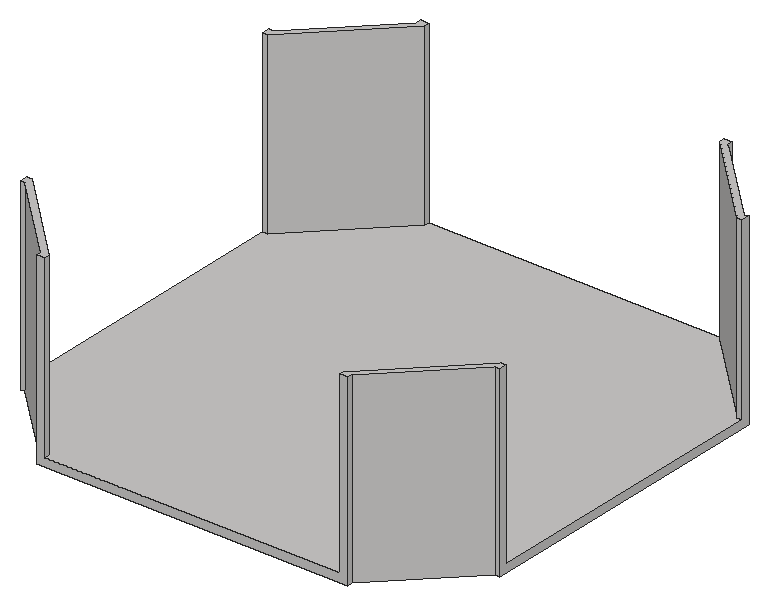
Revit family "Cable_Tray_Fitting-Solid_Tray-OBO_Bettermann-Channel_Horizontal_Cross_Over-MKS", category Cable Tray Fittings, Revit 2012
Parameters (values of type "Hot Dipped Galvanised")
  URL = "http://www.obo-bettermann.com/"
  Tray Width 3 [instance] = 100 mm
  Tray Width 1 [instance] = 100 mm
  Tray Length [instance] = 1.588 mm
  Tray Height [instance] = 60 mm
  Tray Connector 4 Location [instance] = if(Tray Width 3 > 399.9 mm, (Tray Width 3 / 2) + 255 mm, (Tray Width 3 / 2) + 27 mm)  # 77 mm
  Tray Connector 3 Location [instance] = if(Tray Width 3 > 399.9 mm, (Tray Width 3 / 2) + 255 mm, (Tray Width 3 / 2) + 27 mm)  # 77 mm
  Tray Connector 2 Location [instance] = if(Tray Width 1 > 399.9 mm, (Tray Width 1 / 2) + 255 mm, (Tray Width 1 / 2) + 27 mm)  # 77 mm
  Tray Connector 1 Location [instance] = if(Tray Width 1 > 399.9 mm, (Tray Width 1 / 2) + 255 mm, (Tray Width 1 / 2) + 27 mm)  # 77 mm
  built-in parameter 1140111 [instance] = 2.58 mm
  Small Tray Cross Over [instance] = not(Large Tray Cross Over)  # yes
  Radius = 25.4 mm
  Product Page URL = "http://catalog2.obo-bettermann.com/catalogue/catalogue.do?favOid=kts_315277&act=showIO&lang=en&action=start&catId=KTS&forward=showSolutionView"
  Product Documentation Link = ""
  Pre Galvanized = yes
  Model = "MKS"
  Manufacturer = "OBO Bettermann"
  Large Tray Cross Over [instance] = (Tray Width 1 > 399.9 mm)  # no
  Description = "Solid Cable tray"
  Connector Description 4 = "Connector for Cable Tray 4"  # constant formula
  Connector Description 3 = "Connector for Cable Tray 3"  # constant formula
  Connector Description 2 = "Connector for Cable Tray 2"  # constant formula
  Connector Description = "Connector for Cable Tray 1"  # constant formula
  Classification = "Refer to online Catalog for UL and cUL classifed sizes and wire sizes."
  Cable Tray Material = Metal - OBO Bettermann - Hot-Dipped-Galvanised
  Assembly Code = "D5030600"
Types (2, lengths in mm): name | Cable Tray Material
  Stripped Galvanised | Metal - OBO Bettermann - Strip-Galvanised
  Hot Dipped Galvanised | Metal - OBO Bettermann - Hot-Dipped-Galvanised
Reference planes
  plane 1 "Center (Front/Back)": y = 0
  plane 2: z = 0
  plane 3 "Center (Left/Right)": x = 0
  plane 4: y = 50
  plane 5: y = -50
  plane 6: z = 30
  plane 7: z = -30
  plane 8: y = -75.4
  plane 9: x = -50
  plane 10: x = 50
  plane 11: x = -75.4
  plane 12: x = 75.4
  plane 13: y = -47.42
  plane 14: y = 47.42
  plane 15: y = -76.988
  plane 16: x = -47.42
  plane 17: x = 47.42
  plane 18: x = -76.987
  plane 19: x = 76.988
  plane 20: z = -27.42
  plane 21: y = 75.4
  plane 22: y = 76.987
  plane 23 "Tray Connector Left": x = -77
  plane 24 "Tray Connector Right": x = 77
  plane 25 "Tray Connector Branch Lower": y = -77
  plane 26 "Tray Connector Branch Upper": y = 77
Lines and regions (mm)
  model lines, style "Coarse View", detail levels coarse
    curve 1: line (-76.987, 0, 0) -> (76.988, 0, 0)
    curve 2: line (0, 0, 0) -> (0, -76.988, 0)
    curve 3: line (0, 76.987, 0) -> (0, 0, 0)
  symbolic lines, detail levels fine
    curve 4: line (47.42, 76.987, 0) -> (47.42, 75.4, 0)
    curve 5: line (75.4, 47.42, 0) -> (76.988, 47.42, 0)
    curve 6: line (76.988, -47.42, 0) -> (75.4, -47.42, 0)
    curve 7: line (47.42, -75.4, 0) -> (47.42, -76.988, 0)
    curve 8: line (-47.42, -76.988, 0) -> (-47.42, -75.4, 0)
    curve 9: line (-75.4, -47.42, 0) -> (-76.987, -47.42, 0)
Dimensions and locks
  equal spacing: plane 4, plane 1 "Center (Front/Back)", plane 5
  "Tray Width 1": plane 4 to plane 5
  equal spacing: plane 6, plane 2, plane 7
  "Tray Height": plane 6 to plane 7
  plane 5 to plane 8 = 25.4 mm
  equal spacing: plane 9, plane 3 "Center (Left/Right)", plane 10
  "Tray Width 3": plane 9 to plane 10
  plane 11 to plane 9 = 25.4 mm
  plane 10 to plane 12 = 25.4 mm
  "built-in parameter 1140111": plane 13 to plane 5
  "built-in parameter 1140111": plane 4 to plane 14
  "Tray Length": plane 8 to plane 15
  "built-in parameter 1140111": plane 9 to plane 16
  "built-in parameter 1140111": plane 17 to plane 10
  "Tray Length": plane 18 to plane 11
  "Tray Length": plane 12 to plane 19
  "built-in parameter 1140111": plane 20 to plane 7
  "Tray Length": plane 21 to plane 22
  "Radius": plane 21 to plane 4
  "Tray Connector 1 Location": plane 23 "Tray Connector Left" to plane 3 "Center (Left/Right)"
  "Tray Connector 2 Location": plane 3 "Center (Left/Right)" to plane 24 "Tray Connector Right"
  "Tray Connector 4 Location": plane 26 "Tray Connector Branch Upper" to plane 1 "Center (Front/Back)"
  "Tray Connector 3 Location": plane 25 "Tray Connector Branch Lower" to plane 1 "Center (Front/Back)"
  plane 26 "Tray Connector Branch Upper" to plane 22 = 0.013 mm
  aligned and locked: plane 19 to curve 1
  aligned and locked: plane 18 to curve 1
  aligned and locked: plane 15 to curve 2
  aligned and locked: plane 1 "Center (Front/Back)" to curve 2
  aligned and locked: curve 2 to plane 3 "Center (Left/Right)"
  aligned and locked: plane 22 to curve 3
  aligned and locked: curve 3 to plane 3 "Center (Left/Right)"
  aligned and locked: plane 18 to curve 9
  aligned and locked: plane 15 to curve 8
  aligned and locked: plane 15 to curve 7
  aligned and locked: plane 19 to curve 6
  aligned and locked: plane 19 to curve 5
  aligned and locked: plane 22 to curve 4
  aligned and locked: nested 1 to plane 9
  aligned and locked: plane 10 to nested 1
  aligned and locked: nested 1 to plane 5
  aligned and locked: plane 4 to nested 1
  aligned and locked: nested 2 to plane 22
  aligned and locked: nested 2 to plane 18
  aligned and locked: nested 2 to plane 15
  aligned and locked: plane 19 to nested 2
Automatic sketch dimensions
  curve 4 to plane 17 = 0 mm
  plane 21 to curve 4 = 0 mm
  curve 6 to plane 13 = 0 mm
  curve 8 to plane 16 = 0 mm
  curve 8 to plane 8 = 0 mm
  curve 9 to plane 11 = 0 mm
  curve 9 to plane 13 = 0 mm
  curve 5 to plane 12 = 0 mm
  curve 5 to plane 14 = 0 mm
  curve 7 to plane 17 = 0 mm
  curve 6 to plane 12 = 0 mm
  curve 7 to plane 8 = 0 mm
Nested families
  nested 1: "Cable_Tray_Fitting-Solid_Tray-OBO_Bettermann-Channel_Horizontal_Cross_Over_400-600-MKS" at (0, 0, 0), Tray Width 3 <- "Tray Width 3", Tray Width 1 <- "Tray Width 1", Tray Height <- "Tray Height", built-in parameter 1140111 <- "built-in parameter 1140111", visible <- "Large Tray Cross Over", type "Stripped Galvanised"
    with Tray Width 3 100 mm, Tray Width 1 100 mm, Tray Length 1.588 mm, Tray Height 60 mm, built-in parameter 1140111 2.58 mm, Radius Label 150 mm
  nested 2: "Cable_Tray_Fitting-Solid_Tray-OBO_Bettermann-Channel_Horizontal_Cross_Over_100-300-MKS" at (0, 0, 0), Tray Width 3 <- "Tray Width 3", Tray Width 1 <- "Tray Width 1", Tray Height <- "Tray Height", built-in parameter 1140111 <- "built-in parameter 1140111", visible <- "Small Tray Cross Over", type "Stripped Galvanised"
    with Tray Width 3 100 mm, Tray Width 1 100 mm, Tray Length 1.588 mm, Tray Height 60 mm, built-in parameter 1140111 2.58 mm, Radius Label 1 27.98 mm, Radius Label 25.4 mm
Connectors
  cabletrayconduit at (-77, 0, 0), driven by "Tray Height", driven by "Tray Width 1", driven by "Connector Description"
    settings: index 1, connector width 100 mm, connector height 60 mm, connector radius 300 mm, connector angle 0.00°, system type 32, placement type 0, profile type 1, connector reference index -1, is primary connector yes, connector utility param no, connector description "Connector for Cable Tray 1"
  cabletrayconduit at (77, 0, 0), driven by "Tray Height", driven by "Tray Width 1", driven by "Connector Description 2"
    settings: index 2, connector width 100 mm, connector height 60 mm, connector radius 300 mm, connector angle 0.00°, system type 32, placement type 0, profile type 1, connector reference index -1, is primary connector no, connector utility param no, connector description "Connector for Cable Tray 2"
  cabletrayconduit at (0, 77, 0), driven by "Tray Width 3", driven by "Tray Height", driven by "Connector Description 4"
    settings: index 3, connector width 100 mm, connector height 60 mm, connector radius 300 mm, connector angle 0.00°, system type 32, placement type 0, profile type 1, connector reference index -1, is primary connector no, connector utility param no, connector description "Connector for Cable Tray 4"
  cabletrayconduit at (0, -77, 0), driven by "Tray Height", driven by "Tray Width 3", driven by "Connector Description 3"
    settings: index 4, connector width 100 mm, connector height 60 mm, connector radius 300 mm, connector angle 0.00°, system type 32, placement type 0, profile type 1, connector reference index -1, is primary connector no, connector utility param no, connector description "Connector for Cable Tray 3"
Definition of nested family "Cable_Tray_Fitting-Solid_Tray-OBO_Bettermann-Channel_Horizontal_Cross_Over_400-600-MKS"
  Parameters (values of type "Stripped Galvanised")
    URL = "http://www.obo-bettermann.com/"
    Tray Width 3 [instance] = 400 mm
    Tray Width 1 [instance] = 400 mm
    Tray Length [instance] = 1.588 mm
    Tray Height [instance] = 60 mm
    built-in parameter 1140111 [instance] = 2.58 mm
    Radius Label 1 = Radius + 2.6 mm  # 152.6 mm
    Radius Label [instance] = Radius  # 150 mm
    Radius = 150 mm
    Product Page URL = "http://catalog2.obo-bettermann.com/catalogue/catalogue.do?favOid=kts_315277&act=showIO&lang=en&action=start&catId=KTS&forward=showSolutionView"
    Product Documentation Link = ""
    Pre Galvanized = yes
    Model = "MKS"
    Manufacturer = "OBO Bettermann"
    Description = "Cable tray"
    Connector Description 4 = "Connector for Cable Tray 4"  # constant formula
    Connector Description 3 = "Connector for Cable Tray 3"  # constant formula
    Connector Description 2 = "Connector for Cable Tray 2"  # constant formula
    Connector Description = "Connector for Cable Tray 1"  # constant formula
    Classification = "Refer to online Catalog for UL and cUL classifed sizes and wire sizes."
    Cable Tray Material = Metal - OBO Bettermann - Strip-Galvanised
    Assembly Code = "D5030600"
  Types (2, lengths in mm): name | Cable Tray Material
    Stripped Galvanised | Metal - OBO Bettermann - Strip-Galvanised
    Steel | Metal - OBO Bettermann - Hot-Dipped-Galvanised
  Reference planes
    plane 1 "Center (Front/Back)": y = 0
    plane 2: z = 0
    plane 3 "Center (Left/Right)": x = 0
    plane 4: y = 200
    plane 5: y = -200
    plane 6: z = 30
    plane 7: z = -30
    plane 8: y = -453.413
    plane 9: x = -200
    plane 10: x = 200
    plane 11: x = -453.412
    plane 12: x = 453.413
    plane 13: y = -197.42
    plane 14: y = 197.42
    plane 15: y = -455
    plane 16: x = -197.42
    plane 17: x = 197.42
    plane 18: x = -455
    plane 19: x = 455
    plane 20: z = -27.42
    plane 21: y = 453.412
    plane 22: y = 455
  Forms (mm)
    Extrusion 1, solid, material "Metal - OBO Bettermann - Strip-Galvanised" <- "Cable Tray Material", detail levels medium+fine
      sketch origin (377.212, 0, 0) x (1, 0, 0) y (0, 1, 0)
        loop
          line (-832.212, -197.42) -> (-832.212, -200) -> (-727.212, -200)
          arc (-727.212, -200) -> (-621.146, -243.934) -> (-577.212, -350) r 150
          line (-577.212, -350) -> (-577.212, -455) -> (-574.633, -455) -> (-574.633, -347.51)
          arc (-574.633, -347.51) -> (-619.308, -242.096) -> (-724.723, -197.42) r 152.6
          line (-724.723, -197.42) -> (-832.212, -197.42)
        loop
          line (-27.212, -200) -> (77.788, -200) -> (77.788, -197.42) -> (-29.702, -197.42)
          arc (-29.702, -197.42) -> (-135.117, -242.096) -> (-179.792, -347.51) r 152.6
          line (-179.792, -347.51) -> (-179.792, -455) -> (-177.212, -455) -> (-177.212, -350)
          arc (-177.212, -350) -> (-133.279, -243.934) -> (-27.212, -200) r 150
        loop
          line (-832.212, 197.42) -> (-724.723, 197.42)
          arc (-724.723, 197.42) -> (-619.308, 242.096) -> (-574.633, 347.51) r 152.6
          line (-574.633, 347.51) -> (-574.633, 455) -> (-577.212, 455) -> (-577.212, 350)
          arc (-577.212, 350) -> (-621.146, 243.934) -> (-727.212, 200) r 150
          line (-727.212, 200) -> (-832.212, 200) -> (-832.212, 197.42)
        loop
          arc (-27.212, 200) -> (-133.279, 243.934) -> (-177.212, 350) r 150
          line (-177.212, 350) -> (-177.212, 455) -> (-179.792, 455) -> (-179.792, 347.51)
          arc (-179.792, 347.51) -> (-135.117, 242.096) -> (-29.702, 197.42) r 152.6
          line (-29.702, 197.42) -> (77.788, 197.42) -> (77.788, 200) -> (-27.212, 200)
      from -30 to 30
    Extrusion 2, solid, material "Metal - OBO Bettermann - Strip-Galvanised" <- "Cable Tray Material", detail levels medium+fine
      sketch origin (0, 0, 0) x (1, 0, 0) y (0, 1, 0)
        loop
          line (-455, 200) -> (-455, -200) -> (-350, -200)
          arc (-350, -200) -> (-243.934, -243.934) -> (-200, -350) r 150
          line (-200, -350) -> (-200, -455) -> (200, -455) -> (200, -350)
          arc (200, -350) -> (243.934, -243.934) -> (350, -200) r 150
          line (350, -200) -> (455, -200) -> (455, 200) -> (350, 200)
          arc (350, 200) -> (243.934, 243.934) -> (200, 350) r 150
          line (200, 350) -> (200, 455) -> (-200, 455) -> (-200, 350)
          arc (-200, 350) -> (-243.934, 243.934) -> (-350, 200) r 150
          line (-350, 200) -> (-455, 200)
      from -30 to -27.42
    Extrusion 3, solid, material "Metal - OBO Bettermann - Strip-Galvanised" <- "Cable Tray Material", detail levels medium
      sketch origin (0, 0, 0) x (1, 0, 0) y (0, 1, 0)
        loop
          line (-455, 200) -> (-455, -200) -> (-350, -200)
          arc (-350, -200) -> (-243.934, -243.934) -> (-200, -350) r 150
          line (-200, -350) -> (-200, -455) -> (200, -455) -> (200, -350)
          arc (200, -350) -> (243.934, -243.934) -> (350, -200) r 150
          line (350, -200) -> (455, -200) -> (455, 200) -> (350, 200)
          arc (350, 200) -> (243.934, 243.934) -> (200, 350) r 150
          line (200, 350) -> (200, 455) -> (-200, 455) -> (-200, 350)
          arc (-200, 350) -> (-243.934, 243.934) -> (-350, 200) r 150
          line (-350, 200) -> (-455, 200)
      from -30 to 30
  Cuts and joins
    joined: Extrusion 1, Extrusion 2
  Lines and regions (mm)
    model lines, style "Coarse View", detail levels coarse
      curve 1: line (-455, 0, 0) -> (455, 0, 0)
      curve 2: line (0, 0, 0) -> (0, -455, 0)
      curve 3: line (0, 455, 0) -> (0, 0, 0)
    symbolic lines, detail levels fine
      curve 4: line (197.42, 455, 0) -> (197.42, 453.412, 0)
      curve 5: line (453.413, 197.42, 0) -> (455, 197.42, 0)
      curve 6: line (455, -197.42, 0) -> (453.413, -197.42, 0)
      curve 7: line (197.42, -453.413, 0) -> (197.42, -455, 0)
      curve 8: line (-197.42, -455, 0) -> (-197.42, -453.413, 0)
      curve 9: line (-453.412, -197.42, 0) -> (-455, -197.42, 0)
      curve 10: line (-200, -350, 0) -> (-200, -455, 0)
      curve 11: arc (-350, -200, 0) -> (-243.934, -243.934, 0) -> (-200, -350, 0) r 150
      curve 12: line (-455, -200, 0) -> (-350, -200, 0)
      curve 13: line (350, -200, 0) -> (455, -200, 0)
      curve 14: arc (200, -350, 0) -> (243.934, -243.934, 0) -> (350, -200, 0) r 150
      curve 15: line (200, -455, 0) -> (200, -350, 0)
      curve 16: line (200, 350, 0) -> (200, 455, 0)
      curve 17: arc (350, 200, 0) -> (243.934, 243.934, 0) -> (200, 350, 0) r 150
      curve 18: line (455, 200, 0) -> (350, 200, 0)
      curve 19: line (-350, 200, 0) -> (-455, 200, 0)
      curve 20: arc (-200, 350, 0) -> (-243.934, 243.934, 0) -> (-350, 200, 0) r 150
      curve 21: line (-200, 455, 0) -> (-200, 350, 0)
  Dimensions and locks
    equal spacing: plane 4, plane 1 "Center (Front/Back)", plane 5
    "Tray Width 1": plane 4 to plane 5
    equal spacing: plane 6, plane 2, plane 7
    "Tray Height": plane 6 to plane 7
    equal spacing: plane 9, plane 3 "Center (Left/Right)", plane 10
    "Tray Width 3": plane 9 to plane 10
    "built-in parameter 1140111": plane 13 to plane 5
    "built-in parameter 1140111": plane 4 to plane 14
    "Tray Length": plane 8 to plane 15
    "built-in parameter 1140111": plane 9 to plane 16
    "built-in parameter 1140111": plane 17 to plane 10
    "Tray Length": plane 18 to plane 11
    "Tray Length": plane 12 to plane 19
    "built-in parameter 1140111": plane 20 to plane 7
    "Tray Length": plane 21 to plane 22
    locked: plane 18 to plane 9 at 255
    locked: plane 10 to plane 19 at 255
    equal spacing: plane 18, plane 3 "Center (Left/Right)", plane 19
    locked: plane 4 to plane 22 at 255
    locked: plane 5 to plane 15 at 255
    equal spacing: plane 15, plane 1 "Center (Front/Back)", plane 22
    "Radius Label": radius of Extrusion 3 sketch curve  (x4)
    "Radius Label": radius of Extrusion 1 sketch curve  (x4)
    "Radius Label 1": radius of Extrusion 1 sketch curve  (x4)
    aligned and locked: Extrusion 1 to plane 7
    aligned and locked: plane 6 to Extrusion 1
    aligned and locked: plane 5 to Extrusion 2 sketch curve
    aligned and locked: plane 19 to Extrusion 2 sketch curve
    aligned and locked: plane 9 to Extrusion 2 sketch curve
    aligned and locked: Extrusion 2 sketch curve to plane 15
    aligned and locked: Extrusion 2 to plane 7
    aligned and locked: plane 20 to Extrusion 2
    aligned and locked: plane 18 to Extrusion 3 sketch curve
    aligned and locked: Extrusion 3 sketch curve to plane 5
    aligned and locked: plane 4 to Extrusion 3 sketch curve  (x2)
    aligned and locked: plane 5 to Extrusion 3 sketch curve
    aligned and locked: plane 10 to Extrusion 3 sketch curve
    aligned and locked: plane 9 to Extrusion 3 sketch curve
    aligned and locked: Extrusion 3 sketch curve to plane 15
    aligned and locked: Extrusion 3 to plane 7
    aligned and locked: plane 6 to Extrusion 3
    aligned and locked: plane 19 to curve 1
    aligned and locked: plane 18 to curve 1
    aligned and locked: plane 15 to curve 2
    aligned and locked: plane 1 "Center (Front/Back)" to curve 2
    aligned and locked: curve 2 to plane 3 "Center (Left/Right)"
    aligned and locked: plane 22 to curve 3
    aligned and locked: curve 3 to plane 3 "Center (Left/Right)"
    aligned and locked: plane 18 to curve 9
    aligned and locked: plane 15 to curve 8
    aligned and locked: plane 15 to curve 7
    aligned and locked: plane 19 to curve 6
    aligned and locked: plane 19 to curve 5
    aligned and locked: plane 22 to curve 4
    aligned and locked: Extrusion 2 sketch curve to cut or joined group of Extrusion 1, Extrusion 2  (x8)
    aligned and locked: curve 11 to cut or joined group of Extrusion 1, Extrusion 2
    aligned and locked: curve 12 to cut or joined group of Extrusion 1, Extrusion 2
    aligned and locked: curve 14 to cut or joined group of Extrusion 1, Extrusion 2
    aligned and locked: curve 17 to cut or joined group of Extrusion 1, Extrusion 2
    aligned and locked: curve 18 to cut or joined group of Extrusion 1, Extrusion 2
    aligned and locked: curve 20 to cut or joined group of Extrusion 1, Extrusion 2
    aligned and locked: curve 21 to cut or joined group of Extrusion 1, Extrusion 2
  Automatic sketch dimensions
    curve 9 to plane 11 = 0 mm
    curve 7 to plane 8 = 0 mm
    curve 7 to plane 17 = 0 mm
    curve 4 to plane 17 = 0 mm
    curve 6 to plane 13 = 0 mm
    curve 9 to plane 13 = 0 mm
    Extrusion 3 sketch curve to plane 9 = 0 mm
    Extrusion 3 sketch curve to plane 10 = 0 mm
    Extrusion 3 sketch curve to plane 19 = 0 mm
    plane 22 to Extrusion 3 sketch curve = 0 mm
    Extrusion 1 sketch curve to Extrusion 1 sketch curve = 0 mm  (x8)
    Extrusion 1 sketch curve to plane 13 = 0 mm  (x2)
    Extrusion 1 sketch curve to plane 18 = 0 mm  (x2)
    Extrusion 1 sketch curve to plane 4 = 0 mm  (x2)
    Extrusion 1 sketch curve to plane 5 = 0 mm  (x2)
    Extrusion 1 sketch curve to plane 14 = 0 mm  (x2)
    Extrusion 1 sketch curve to plane 9 = 0 mm  (x2)
    Extrusion 1 sketch curve to plane 16 = 0 mm  (x2)
    Extrusion 1 sketch curve to plane 17 = 0 mm  (x2)
    Extrusion 1 sketch curve to plane 10 = 0 mm  (x2)
    Extrusion 1 sketch curve to plane 19 = 0 mm  (x2)
    Extrusion 1 sketch curve to plane 15 = 0 mm  (x2)
    plane 22 to Extrusion 1 sketch curve = 0 mm  (x2)
    Extrusion 2 sketch curve to plane 18 = 0 mm
    plane 22 to Extrusion 2 sketch curve = 0 mm
    curve 10 to plane 15 = 0 mm
    curve 12 to plane 18 = 0 mm
    curve 8 to plane 8 = 0 mm
    curve 8 to plane 16 = 0 mm
    curve 6 to plane 12 = 0 mm
    curve 13 to plane 19 = 0 mm
    curve 15 to plane 15 = 0 mm
    plane 22 to curve 16 = 0 mm
    curve 18 to plane 19 = 0 mm
    curve 5 to plane 12 = 0 mm
    curve 5 to plane 14 = 0 mm
    plane 21 to curve 4 = 0 mm
    curve 19 to plane 18 = 0 mm
    plane 22 to curve 21 = 0 mm
  Connectors
    cabletrayconduit at (-455, 0, 0), driven by "Tray Height", driven by "Tray Width 1", driven by "Connector Description"
      settings: on Extrusion 3, index 1, connector width 400 mm, connector height 60 mm, connector radius 304.8 mm, connector angle 0.00°, system type 32, placement type 0, profile type 1, connector reference index 2, is primary connector yes, connector utility param no, connector description "Connector for Cable Tray 1"
    cabletrayconduit at (455, 0, 0), driven by "Tray Height", driven by "Tray Width 1", driven by "Connector Description 2"
      settings: on Extrusion 3, index 2, connector width 400 mm, connector height 60 mm, connector radius 304.8 mm, connector angle 0.00°, system type 32, placement type 0, profile type 1, connector reference index 1, is primary connector no, connector utility param no, connector description "Connector for Cable Tray 2"
    cabletrayconduit at (0, -455, 0), driven by "Tray Height", driven by "Tray Width 3", driven by "Connector Description 3"
      settings: on Extrusion 3, index 3, connector width 400 mm, connector height 60 mm, connector radius 304.8 mm, connector angle 0.00°, system type 32, placement type 0, profile type 1, connector reference index 4, is primary connector no, connector utility param no, connector description "Connector for Cable Tray 3"
    cabletrayconduit at (0, 455, 0), driven by "Tray Height", driven by "Tray Width 3", driven by "Connector Description 4"
      settings: on Extrusion 3, index 4, connector width 400 mm, connector height 60 mm, connector radius 304.8 mm, connector angle 0.00°, system type 32, placement type 0, profile type 1, connector reference index 3, is primary connector no, connector utility param no, connector description "Connector for Cable Tray 4"
Definition of nested family "Cable_Tray_Fitting-Solid_Tray-OBO_Bettermann-Channel_Horizontal_Cross_Over_100-300-MKS"
  Parameters (values of type "Steel")
    URL = "http://www.obo-bettermann.com/"
    Tray Width 3 [instance] = 100 mm
    Tray Width 1 [instance] = 100 mm
    Tray Length [instance] = 1.588 mm
    Tray Height [instance] = 60 mm
    built-in parameter 1140111 [instance] = 2.58 mm
    Radius Label 1 [instance] = Radius Label + [built-in parameter 1140111]  # 27.98 mm
    Radius Label [instance] = Radius  # 25.4 mm
    Radius = 25.4 mm
    Product Page URL = "http://catalog2.obo-bettermann.com/catalogue/catalogue.do?favOid=kts_315277&act=showIO&lang=en&action=start&catId=KTS&forward=showSolutionView"
    Product Documentation Link = ""
    Pre Galvanized = yes
    Model = "MKS"
    Manufacturer = "OBO Bettermann"
    Description = "Cable tray"
    Connector Description 4 = "Connector for Cable Tray 4"  # constant formula
    Connector Description 3 = "Connector for Cable Tray 3"  # constant formula
    Connector Description 2 = "Connector for Cable Tray 2"  # constant formula
    Connector Description = "Connector for Cable Tray 1"  # constant formula
    Classification = "Refer to online Catalog for UL and cUL classifed sizes and wire sizes."
    Cable Tray Material = Metal - OBO Bettermann - Hot-Dipped-Galvanised
    Assembly Code = "D5030600"
  Types (2, lengths in mm): name | Cable Tray Material
    Stripped Galvanised | Metal - OBO Bettermann - Strip-Galvanised
    Steel | Metal - OBO Bettermann - Hot-Dipped-Galvanised
  Reference planes
    plane 1 "Center (Front/Back)": y = 0
    plane 2: z = 0
    plane 3 "Center (Left/Right)": x = 0
    plane 4: y = 50
    plane 5: y = -50
    plane 6: z = 30
    plane 7: z = -30
    plane 8: y = -75.4
    plane 9: x = -50
    plane 10: x = 50
    plane 11: x = -75.4
    plane 12: x = 75.4
    plane 13: y = -47.42
    plane 14: y = 47.42
    plane 15: y = -76.988
    plane 16: x = -47.42
    plane 17: x = 47.42
    plane 18: x = -76.987
    plane 19: x = 76.988
    plane 20: z = -27.42
    plane 21: y = 75.4
    plane 22: y = 76.987
  Forms (mm)
    Extrusion 1, solid, material "Metal - OBO Bettermann - Hot-Dipped-Galvanised" <- "Cable Tray Material", detail levels medium+fine
      sketch origin (-0.8, 0, 0) x (1, 0, 0) y (0, 1, 0)
        loop
          line (-76.187, -47.42) -> (-76.187, -50) -> (-74.6, -50) -> (-49.2, -75.4) -> (-49.2, -76.988) -> (-46.62, -76.988) -> (-46.62, -75.4) -> (-74.6, -47.42) -> (-76.187, -47.42)
        loop
          line (76.2, -50) -> (77.788, -50) -> (77.788, -47.42) -> (76.2, -47.42) -> (48.22, -75.4) -> (48.22, -76.988) -> (50.8, -76.988) -> (50.8, -75.4) -> (76.2, -50)
        loop
          line (-76.187, 50) -> (-76.187, 47.42) -> (-74.6, 47.42) -> (-46.62, 75.4) -> (-46.62, 76.987) -> (-49.2, 76.987) -> (-49.2, 75.4) -> (-74.6, 50) -> (-76.187, 50)
        loop
          line (48.22, 76.987) -> (48.22, 75.4) -> (76.2, 47.42) -> (77.788, 47.42) -> (77.788, 50) -> (76.2, 50) -> (50.8, 75.4) -> (50.8, 76.987) -> (48.22, 76.987)
      from -30 to 30
    Extrusion 2, solid, material "Metal - OBO Bettermann - Hot-Dipped-Galvanised" <- "Cable Tray Material", detail levels medium+fine
      sketch origin (0, 0, 0) x (1, 0, 0) y (0, 1, 0)
        loop
          line (-76.987, -50) -> (-75.4, -50) -> (-50, -75.4) -> (-50, -76.988) -> (50, -76.988) -> (50, -75.4) -> (75.4, -50) -> (76.988, -50) -> (76.988, 50) -> (75.4, 50) -> (50, 75.4) -> (50, 76.987) -> (-50, 76.987) -> (-50, 75.4) -> (-75.4, 50) -> (-76.987, 50) -> (-76.987, -50)
      from -30 to -27.42
    Extrusion 3, solid, material "Metal - OBO Bettermann - Hot-Dipped-Galvanised" <- "Cable Tray Material", detail levels medium
      sketch origin (0, 0, 0) x (1, 0, 0) y (0, 1, 0)
        loop
          line (-76.987, 50) -> (-76.987, -50) -> (-75.4, -50) -> (-50, -75.4) -> (-50, -76.988) -> (50, -76.988) -> (50, -75.4) -> (75.4, -50) -> (76.988, -50) -> (76.988, 50) -> (75.4, 50) -> (50, 75.4) -> (50, 76.987) -> (-50, 76.987) -> (-50, 75.4) -> (-75.4, 50) -> (-76.987, 50)
      from -30 to 30
  Cuts and joins
    joined: Extrusion 1, Extrusion 2
  Lines and regions (mm)
    model lines, style "Coarse View", detail levels coarse
      curve 1: line (-76.987, 0, 0) -> (76.988, 0, 0)
      curve 2: line (0, 0, 0) -> (0, -76.988, 0)
      curve 3: line (0, 76.987, 0) -> (0, 0, 0)
    symbolic lines, detail levels fine
      curve 4: line (47.42, 76.987, 0) -> (47.42, 75.4, 0)
      curve 5: line (47.42, 75.4, 0) -> (75.4, 47.42, 0)
      curve 6: line (75.4, 47.42, 0) -> (76.988, 47.42, 0)
      curve 7: line (76.988, -47.42, 0) -> (75.4, -47.42, 0)
      curve 8: line (75.4, -47.42, 0) -> (47.42, -75.4, 0)
      curve 9: line (47.42, -75.4, 0) -> (47.42, -76.988, 0)
      curve 10: line (-47.42, -76.988, 0) -> (-47.42, -75.4, 0)
      curve 11: line (-47.42, -75.4, 0) -> (-75.4, -47.42, 0)
      curve 12: line (-75.4, -47.42, 0) -> (-76.987, -47.42, 0)
  Dimensions and locks
    equal spacing: plane 4, plane 1 "Center (Front/Back)", plane 5
    "Tray Width 1": plane 4 to plane 5
    equal spacing: plane 6, plane 2, plane 7
    "Tray Height": plane 6 to plane 7
    "Radius Label": plane 5 to plane 8
    equal spacing: plane 9, plane 3 "Center (Left/Right)", plane 10
    "Tray Width 3": plane 9 to plane 10
    "Radius Label": plane 11 to plane 9
    "Radius Label": plane 10 to plane 12
    "built-in parameter 1140111": plane 13 to plane 5
    "built-in parameter 1140111": plane 4 to plane 14
    "Tray Length": plane 8 to plane 15
    "built-in parameter 1140111": plane 9 to plane 16
    "built-in parameter 1140111": plane 17 to plane 10
    "Tray Length": plane 18 to plane 11
    "Tray Length": plane 12 to plane 19
    "built-in parameter 1140111": plane 20 to plane 7
    "Tray Length": plane 21 to plane 22
    "Radius": plane 21 to plane 4
    aligned and locked: plane 11 to Extrusion 1 sketch curve  (x4)
    aligned and locked: Extrusion 1 sketch curve to plane 13
    aligned and locked: plane 18 to Extrusion 1 sketch curve  (x2)
    aligned and locked: Extrusion 1 sketch curve to plane 5
    aligned and locked: plane 8 to Extrusion 1 sketch curve  (x4)
    aligned and locked: plane 15 to Extrusion 1 sketch curve  (x2)
    aligned and locked: plane 16 to Extrusion 1 sketch curve  (x3)
    aligned and locked: plane 9 to Extrusion 1 sketch curve  (x3)
    aligned and locked: Extrusion 1 sketch curve to plane 15  (x2)
    aligned and locked: Extrusion 1 sketch curve to plane 18  (x2)
    aligned and locked: Extrusion 1 to plane 7
    aligned and locked: plane 6 to Extrusion 1
    aligned and locked: plane 19 to Extrusion 1 sketch curve  (x3)
    aligned and locked: plane 5 to Extrusion 1 sketch curve  (x3)
    aligned and locked: plane 13 to Extrusion 1 sketch curve  (x3)
    aligned and locked: Extrusion 1 sketch curve to plane 19
    aligned and locked: Extrusion 1 sketch curve to plane 17
    aligned and locked: Extrusion 1 sketch curve to plane 10  (x2)
    aligned and locked: plane 10 to Extrusion 1 sketch curve  (x2)
    aligned and locked: plane 17 to Extrusion 1 sketch curve  (x3)
    aligned and locked: plane 18 to Extrusion 2 sketch curve  (x2)
    aligned and locked: plane 11 to Extrusion 2 sketch curve  (x2)
    aligned and locked: Extrusion 2 sketch curve to plane 5
    aligned and locked: plane 4 to Extrusion 2 sketch curve
    aligned and locked: plane 5 to Extrusion 2 sketch curve
    aligned and locked: plane 19 to Extrusion 2 sketch curve  (x2)
    aligned and locked: plane 12 to Extrusion 2 sketch curve  (x2)
    aligned and locked: plane 8 to Extrusion 2 sketch curve  (x2)
    aligned and locked: plane 15 to Extrusion 2 sketch curve
    aligned and locked: plane 10 to Extrusion 2 sketch curve
    aligned and locked: plane 9 to Extrusion 2 sketch curve
    aligned and locked: Extrusion 2 sketch curve to plane 15
    aligned and locked: Extrusion 2 to plane 7
    aligned and locked: plane 20 to Extrusion 2
    aligned and locked: plane 18 to Extrusion 3 sketch curve  (x2)
    aligned and locked: plane 11 to Extrusion 3 sketch curve  (x2)
    aligned and locked: Extrusion 3 sketch curve to plane 5  (x2)
    aligned and locked: plane 4 to Extrusion 3 sketch curve  (x2)
    aligned and locked: plane 5 to Extrusion 3 sketch curve
    aligned and locked: plane 12 to Extrusion 3 sketch curve  (x2)
    aligned and locked: plane 19 to Extrusion 3 sketch curve  (x2)
    aligned and locked: plane 15 to Extrusion 3 sketch curve
    aligned and locked: Extrusion 3 sketch curve to plane 10  (x2)
    aligned and locked: plane 8 to Extrusion 3 sketch curve
    aligned and locked: plane 10 to Extrusion 3 sketch curve
    aligned and locked: plane 9 to Extrusion 3 sketch curve
    aligned and locked: Extrusion 3 sketch curve to plane 15
    aligned and locked: Extrusion 3 to plane 7
    aligned and locked: plane 6 to Extrusion 3
    aligned and locked: plane 19 to curve 1
    aligned and locked: plane 18 to curve 1
    aligned and locked: plane 15 to curve 2
    aligned and locked: plane 1 "Center (Front/Back)" to curve 2
    aligned and locked: curve 2 to plane 3 "Center (Left/Right)"
    aligned and locked: Extrusion 1 sketch curve to plane 14
    aligned and locked: Extrusion 1 sketch curve to plane 4
    aligned and locked: plane 22 to Extrusion 1 sketch curve  (x4)
    aligned and locked: Extrusion 1 sketch curve to plane 9
    aligned and locked: Extrusion 1 sketch curve to plane 16
    aligned and locked: plane 4 to Extrusion 1 sketch curve  (x2)
    aligned and locked: plane 14 to Extrusion 1 sketch curve  (x2)
    aligned and locked: plane 22 to Extrusion 3 sketch curve  (x2)
    aligned and locked: plane 21 to Extrusion 3 sketch curve  (x2)
    aligned and locked: Extrusion 3 sketch curve to plane 9
    aligned and locked: plane 22 to Extrusion 2 sketch curve  (x2)
    aligned and locked: plane 21 to Extrusion 2 sketch curve  (x2)
    aligned and locked: Extrusion 2 sketch curve to plane 9
    aligned and locked: Extrusion 2 sketch curve to plane 10
    aligned and locked: plane 22 to curve 3
    aligned and locked: curve 3 to plane 3 "Center (Left/Right)"
    aligned and locked: plane 12 to Extrusion 1 sketch curve  (x3)
    aligned and locked: plane 21 to Extrusion 1 sketch curve  (x4)
    aligned and locked: Extrusion 3 sketch curve to cut or joined group of Extrusion 1, Extrusion 2  (x4)
    aligned and locked: Extrusion 2 sketch curve to cut or joined group of Extrusion 1, Extrusion 2  (x4)
    aligned and locked: curve 4 to cut or joined group of Extrusion 1, Extrusion 2
    aligned and locked: curve 5 to cut or joined group of Extrusion 1, Extrusion 2
    aligned and locked: curve 6 to cut or joined group of Extrusion 1, Extrusion 2
    aligned and locked: curve 7 to cut or joined group of Extrusion 1, Extrusion 2
    aligned and locked: curve 8 to cut or joined group of Extrusion 1, Extrusion 2
    aligned and locked: curve 9 to cut or joined group of Extrusion 1, Extrusion 2
    aligned and locked: curve 10 to cut or joined group of Extrusion 1, Extrusion 2
    aligned and locked: curve 11 to cut or joined group of Extrusion 1, Extrusion 2
    aligned and locked: curve 12 to cut or joined group of Extrusion 1, Extrusion 2
    aligned and locked: plane 18 to curve 12
    aligned and locked: plane 15 to curve 10
    aligned and locked: plane 15 to curve 9
    aligned and locked: plane 19 to curve 7
    aligned and locked: plane 19 to cut or joined group of Extrusion 1, Extrusion 2
    aligned and locked: plane 19 to curve 6
    aligned and locked: plane 22 to curve 4
    aligned and locked: plane 22 to cut or joined group of Extrusion 1, Extrusion 2
  Automatic sketch dimensions
    Extrusion 1 sketch curve to plane 12 = 0 mm
    curve 4 to plane 17 = 0 mm
    curve 5 to plane 12 = 0 mm
    curve 5 to plane 14 = 0 mm
    plane 21 to curve 4 = 0 mm
    curve 8 to plane 8 = 0 mm
    curve 8 to plane 17 = 0 mm
    curve 8 to plane 12 = 0 mm
    curve 7 to plane 13 = 0 mm
    curve 11 to plane 11 = 0 mm
    curve 10 to plane 16 = 0 mm
    curve 10 to plane 8 = 0 mm
    curve 11 to plane 13 = 0 mm
  Connectors
    cabletrayconduit at (-76.987, 0, 0), driven by "Tray Height", driven by "Tray Width 1", driven by "Connector Description"
      settings: on Extrusion 3, index 1, connector width 100 mm, connector height 60 mm, connector radius 304.8 mm, connector angle 0.00°, system type 32, placement type 0, profile type 1, connector reference index 2, is primary connector yes, connector utility param no, connector description "Connector for Cable Tray 1"
    cabletrayconduit at (76.988, 0, 0), driven by "Tray Height", driven by "Tray Width 1", driven by "Connector Description 2"
      settings: on Extrusion 3, index 2, connector width 100 mm, connector height 60 mm, connector radius 304.8 mm, connector angle 0.00°, system type 32, placement type 0, profile type 1, connector reference index 1, is primary connector no, connector utility param no, connector description "Connector for Cable Tray 2"
    cabletrayconduit at (0, -76.988, 0), driven by "Tray Height", driven by "Tray Width 3", driven by "Connector Description 3"
      settings: on Extrusion 3, index 3, connector width 100 mm, connector height 60 mm, connector radius 304.8 mm, connector angle 0.00°, system type 32, placement type 0, profile type 1, connector reference index 4, is primary connector no, connector utility param no, connector description "Connector for Cable Tray 3"
    cabletrayconduit at (0, 76.987, 0), driven by "Tray Height", driven by "Tray Width 3", driven by "Connector Description 4"
      settings: on Extrusion 3, index 4, connector width 100 mm, connector height 60 mm, connector radius 304.8 mm, connector angle 0.00°, system type 32, placement type 0, profile type 1, connector reference index 3, is primary connector no, connector utility param no, connector description "Connector for Cable Tray 4"
